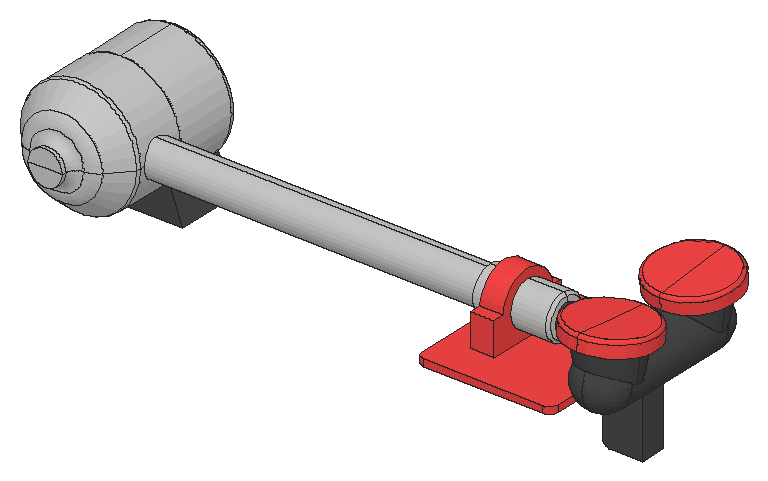
Revit family "Emergency_Equipment-Tepid-Swing_Down_Eye_Wash-S2240", category Plumbing Fixtures, Revit 2016
Family settings
  Part Type = Normal
  Round Connector Dimension = Use Diameter
  OmniClass Number = 23.45.05.14.24
  OmniClass Title = Eye Wash Fountains
  Work Plane-Based = Yes
  Always vertical = No
  Cut with Voids When Loaded = No
  Shared = No
  Room Calculation Point = No
Parameters (values of type "S2240-NP-NFT")
  nsd [instance] = not([Swing Over / Actuate])  # no
  Width = 0' - 4 77/256"  # constant formula
  Waste Connection = no
  Version = "2016-v1.0a"  # constant formula
  Vent Connection = no
  URL = "www.tepid.com"
  Swing Over / Actuate [instance] = yes
  Product Page URL = "http://www.tepid.com/products/s2240-np-nft-nana/"
  Product Name = "Deck Mounted Swing Down Eyewash"  # constant formula
  Product Documentation Link = "http://www.tepid.com/wp-content/uploads/SpSh-S2240S2540.pdf"
  Pipe Finish = Metal - Stingray - Stainless Steel SS
  Model = "S2240-NP-NFT"
  Manufacturer Phone Number = "(888) 445-4142"  # constant formula
  Manufacturer Email = "customerservice@drenchshower.com"
  Manufacturer Address = "5330 East 25th Street Indianapolis Indiana 46218"  # constant formula
  Manufacturer = "Stingray Systems"  # constant formula
  Length = 1' - 2 179/256"  # constant formula
  Supply Connection = 1/2"  # constant formula
  Height = 1' - 3"  # constant formula
  HW Connection = yes
  Filter = no
  Dimension Disclaimer = "Dimensions are ±0.50”. Design and specifications are subject to change without notice."  # constant formula
  Description = "Swing Down Eyewash"  # constant formula
  Default Elevation = 4' - 0"
  Copyright = "© 2018 Stingray Systems"  # constant formula
  CW Connection = yes
  Angle [instance] = if([Swing Over / Actuate], 0.00°, 90.00°)  # 0.00°
Types (3): name | Model | Filter
  (no name) | "S2240-NP-NFT" | no
  S2240-NP-NFT | "S2240-NP-NFT" | no
  S2240-NP-FLT | "S2240-NP-FLT" | yes
Reference planes (in)
  plane 1 "Center (Front/Back)": y = 0
  plane 2: z = 0
  plane 3 "Center (Left/Right)": x = 0
  plane 4: y = 2.125
  plane 5: y = -2.125
  plane 6 "B": x = -2.1875
  plane 7 "T": x = 1.3125
  plane 8 "E": z = 13.67188
  plane 9 "C": z = 1.67188
  plane 10 "M": z = 26.42188
  plane 11: y = 2.17578
  plane 12: z = 15
Forms (in)
  Extrusion 1, solid, material "Metal - Stingray - Epoxy Coated EP"
    sketch origin (0, 0, 0) x (1, 0, 0) y (0, 0, 1)
      loop
        line (1.3125, 0) -> (0.98438, 0.90149)
        arc (0.98438, 0.90149) -> (0, 0.42188) -> (-0.98438, 0.90149) r 1.25
        line (-0.98438, 0.90149) -> (-1.3125, 0) -> (1.3125, 0)
    from 0 to -1.35103
  Revolve 2, solid, material "Metal - Stingray - Stainless Steel SS" <- "Pipe Finish"
    sketch origin (0, 0, 0) x (0, 1, 0) y (0, 0, 1)
      loop
        line (-0.06386, 1.67187) -> (1.45575, 1.67187) -> (1.45575, 2.86447)
        arc (1.45575, 2.86447) -> (1.42148, 2.9472) -> (1.33876, 2.98146) r 0.11699
        line (1.33876, 2.98146) -> (-0.06386, 2.98146) -> (-0.06386, 1.67187)
      axis (1.45575, 1.67187) -> (-0.06386, 1.67187)
    angle from 0 to 360
Lines and regions (in)
  Masking region 1, visible <- "Swing Over / Actuate", detail levels coarse
    outline origin (0, 0, 1.67187) x (-1, 0, 0) y (0, -1, 0)
      loop
        line (1.3125, -1.46645) -> (1.3125, 1.23058) -> (0.41808, 2.125) -> (-0.53499, 2.125) -> (-1.3125, 1.23058) -> (-1.3125, 1.07739) -> (-11.24399, 1.07739) -> (-11.24399, 1.79614)
        arc (-11.24399, 1.79614) -> (-12.18964, 2.74179) -> (-13.13529, 1.79614) r 0.94565
        line (-13.13529, 1.79614) -> (-13.13529, -0.49901)
        arc (-13.13529, -0.49901) -> (-12.18964, -1.44467) -> (-11.24399, -0.49901) r 0.94565
        line (-11.24399, -0.49901) -> (-11.24399, 0.24926) -> (-1.3125, 0.24926) -> (-1.3125, -1.46645) -> (1.3125, -1.46645)
  Masking region 2, visible <- "nsd", detail levels medium+fine
    outline origin (0, 0, 13.67188) x (-1, 0, 0) y (0, -1, 0)
      loop
        line (1.04912, 0.84933) -> (1.24469, 2.71007) -> (0.9107, 2.74517) -> (0.89152, 2.56268) -> (0.39912, 2.47586)
        arc (0.39912, 2.47586) -> (-0.22917, 2.53109) -> (-0.56181, 1.99523) r 0.60189
        line (-0.56181, 1.99523) -> (-0.56181, 0.93026) -> (-2.05923, 0.93026) -> (-2.05923, 0.35952) -> (-0.56181, 0.35952) -> (-0.56181, -0.67717)
        arc (-0.56181, -0.67717) -> (-0.22917, -1.21303) -> (0.39912, -1.1578) r 0.60189
        line (0.39912, -1.1578) -> (0.89152, -1.24462) -> (0.9107, -1.42711) -> (1.24469, -1.392) -> (1.04922, 0.46778) -> (0.71513, 0.43267) -> (0.73919, 0.20377) -> (0.65487, 0.19491) -> (0.65487, 1.15855) -> (0.74297, 1.14929) -> (0.71513, 0.88443) -> (1.04912, 0.84933)
  Masking region 3, visible <- "nsd", detail levels coarse
    outline origin (0, 0, 13.67188) x (-1, 0, 0) y (0, -1, 0)
      loop
        line (-0.55721, 2.02923) -> (-0.55721, -0.72211)
        arc (-0.55721, -0.72211) -> (0.03103, -1.28828) -> (0.62109, -0.724) r 0.58966
        line (0.62109, -0.724) -> (0.62109, 2.03112)
        arc (0.62109, 2.03112) -> (0.03103, 2.5954) -> (-0.55721, 2.02923) r 0.58966
  Masking region 4, visible <- "nsd", detail levels fine
    outline origin (0, 0, 5.37709) x (-1, 0, 0) y (0, -1, 0)
      loop
        line (-0.67661, -1.07286) -> (-0.67661, 0.35952) -> (-0.80819, 0.35952) -> (-0.80819, -1.07286) -> (-0.67661, -1.07286)
      loop
        line (-0.67661, 2.3889) -> (-0.80819, 2.3889) -> (-0.80819, 0.93026) -> (-0.67661, 0.93026) -> (-0.67661, 2.3889)
  Masking region 5, visible <- "nsd"
    outline origin (0, 0, 5.37709) x (-1, 0, 0) y (0, -1, 0)
      loop
        line (1.3125, -1.46645) -> (1.3125, 1.23058) -> (0.74694, 1.79614) -> (-0.82087, 1.79614) -> (-1.3125, 1.23058) -> (-1.3125, -1.46645) -> (1.3125, -1.46645)
  Masking region 6, visible <- "Swing Over / Actuate", detail levels medium+fine
    outline origin (0, 0, 13.67188) x (-1, 0, 0) y (0, -1, 0)
      loop
        line (1.3125, -1.46645) -> (1.3125, 1.22163) -> (0.89116, 1.70428)
        arc (0.89116, 1.70428) -> (0.75664, 1.79926) -> (0.59642, 1.83726) r 0.43385
        arc (0.59642, 1.83726) -> (0.44215, 1.90693) -> (0.37901, 2.064) r 0.22693
        line (0.37901, 2.064) -> (0.37901, 2.125) -> (-0.37901, 2.125) -> (-0.37901, 2.064)
        arc (-0.37901, 2.064) -> (-0.44215, 1.90693) -> (-0.59642, 1.83726) r 0.22693
        arc (-0.59642, 1.83726) -> (-0.76637, 1.79472) -> (-0.90623, 1.68895) r 0.43385
        line (-0.90623, 1.68895) -> (-1.3125, 1.22159) -> (-1.3125, 1.07739) -> (-8.43065, 1.07739) -> (-8.43065, 1.14359) -> (-8.73796, 1.14359) -> (-8.73796, 1.58507) -> (-9.25, 1.58507) -> (-9.25, 1.14359) -> (-10.10153, 1.14359) -> (-10.10153, 0.97279) -> (-10.61909, 0.97279) -> (-10.61909, 1.07982) -> (-10.87211, 1.07982) -> (-10.87211, 0.97279) -> (-11.04994, 0.97279) -> (-11.50267, 1.13757)
        arc (-11.50267, 1.13757) -> (-12.34156, 2.72811) -> (-12.60096, 0.94871) r 0.94565
        line (-12.60096, 0.94871) -> (-12.60096, 0.34842)
        arc (-12.60096, 0.34842) -> (-12.33356, -1.43233) -> (-11.51406, 0.17109) r 0.94565
        line (-11.51406, 0.17109) -> (-11.03336, 0.34605) -> (-10.87211, 0.34605) -> (-10.87211, 0.23902) -> (-10.61909, 0.23902) -> (-10.61909, 0.34605) -> (-10.10153, 0.34605) -> (-10.10153, 0.17525) -> (-9.25, 0.17525) -> (-9.25, -0.26623) -> (-8.73796, -0.26623) -> (-8.73796, 0.17525) -> (-8.43065, 0.17525) -> (-8.43065, 0.24926) -> (-1.3125, 0.24926) -> (-1.3125, -1.46645) -> (1.3125, -1.46645)
  Masking region 7, visible <- "Swing Over / Actuate", detail levels fine
    outline origin (0, 0, 1.67187) x (-1, 0, 0) y (0, -1, 0)
      loop
        line (-8.15763, -1.07286) -> (-8.15763, 2.3889) -> (-11.15763, 2.3889) -> (-11.15763, -1.07286) -> (-8.15763, -1.07286)
  reference lines
    curve 1: line (0, 0, 1.67188) -> (0, 0, 5.58216)
    curve 2: line (0, 0, 1.67188) -> (7.5, 0, 1.67188)
  symbolic lines, visible <- "nsd", detail levels fine
    curve 3: line (-0.89152, 1.24462, 5.37709) -> (-0.7397, -0.19984, 5.37709)
    curve 4: line (-0.74297, -1.14929, 5.37709) -> (-0.89152, -2.56268, 5.37709)
  symbolic lines, visible <- "nsd"
    curve 5: line (0.56181, -0.35952, 5.37709) -> (0.56181, -0.93026, 5.37709)
  symbolic lines, visible <- "Swing Over / Actuate", detail levels fine
    curve 6: line (1.30913, -0.07676, 13.67188) -> (-1.30913, -0.07676, 13.67188)
    curve 7: line (8.73796, -0.17418, 26.42188) -> (8.73796, -1.14293, 26.42188)
    curve 8: line (9.25, -0.17418, 26.42188) -> (9.25, -1.14293, 26.42188)
    curve 9: line (10.61909, -0.34605, 13.67188) -> (10.61909, -0.97105, 13.67188)
    curve 10: line (10.87211, -0.34605, 13.67188) -> (10.87211, -0.97105, 13.67188)
    curve 11: arc (11.58106, -0.21595, 13.67188) -> (12.2, -0.44664, 13.67188) -> (12.81894, -0.21595, 13.67188) r 0.94565
    curve 12: arc (11.58106, -1.08117, 13.67188) -> (12.2, -0.85049, 13.67188) -> (12.81894, -1.08117, 13.67188) r 0.94565
    curve 13: line (1.3125, -0.24926, 13.67188) -> (1.3125, -1.07739, 13.67188)
Dimensions and locks (in)
  equal spacing: plane 5, plane 1 "Center (Front/Back)", plane 4
  locked: plane 7 "T" to plane 3 "Center (Left/Right)" at 1.3125
  locked: plane 8 "E" to plane 9 "C" at 12
  locked: plane 9 "C" to plane 2 at 1.67188
  Extrusion 1 sketch curve to Extrusion 1 sketch curve to plane 3 "Center (Left/Right)" to Extrusion 1 sketch curve to Extrusion 1 sketch curve = 0' - 0 21/64" locked, 0' - 0 63/64" locked, 0' - 0 63/64" locked, 0' - 0 21/64" locked
  Extrusion 1 sketch curve to Extrusion 1 sketch curve to plane 2 to Extrusion 1 sketch curve = 0' - 0" locked, 0' - 0.90149" locked, 0' - 0" locked
  locked: Extrusion 1 to plane 1 "Center (Front/Back)" at 1.35103
  Revolve 2 sketch curve to plane 1 "Center (Front/Back)" to Revolve 2 sketch curve to Revolve 2 sketch curve = 0' - 0.06386" locked, 0' - 1.33876" locked, 0' - 0.11699" locked
  Revolve 2 sketch curve to Revolve 2 sketch curve to plane 9 "C" to Revolve 2 sketch curve = 0' - 0.11699" locked, 0' - 1.1926" locked, 0' - 0" locked
  plane 10 "M" to plane 8 "E" = 1' - 0 3/4"
  curve 12 to curve 12 to curve 12 to curve 11 to curve 11 to plane 1 "Center (Front/Back)" to curve 11 = 0' - 0.71496" locked, 0' - 0" locked, 0' - 0.86522" locked, 0' - 0" locked, 0' - 0.21595" locked, 0' - 0.49901" locked
  plane 3 "Center (Left/Right)" to curve 11 to curve 12 = 1' - 0.2", 0' - 0"
  plane 3 "Center (Left/Right)" to curve 11 = 1' - 0.2"
  "Width": plane 11 to plane 5
  locked: curve 2 to curve 1 (angle 90.00°)
  "Angle": angle plane 9 "C" to curve 2
  aligned and locked: plane 2 to level
  aligned and locked: plane 9 "C" to Extrusion 1 sketch curve
  aligned and locked: plane 9 "C" to curve 1
  aligned and locked: plane 3 "Center (Left/Right)" to curve 1
  aligned and locked: plane 1 "Center (Front/Back)" to Extrusion 1
Automatic sketch dimensions
  Extrusion 1 sketch curve to Extrusion 1 sketch curve = 0' - 0"
  Masking region 5 sketch curve to plane 7 "T" = 0' - 0.49163"
  Masking region 5 sketch curve to plane 5 = 0' - 0.32886"
  Masking region 5 sketch curve to plane 3 "Center (Left/Right)" = 0' - 0.74694"
  Masking region 5 sketch curve to Masking region 5 sketch curve = 0' - 0.56556"  (x3)
  Masking region 5 sketch curve to plane 4 = 0' - 0.65855"
  Masking region 5 sketch curve to plane 7 "T" = 0' - 0"
  Masking region 7 sketch curve to plane 4 = 0' - 1.05214"
  plane 7 "T" to Masking region 7 sketch curve = 0' - 9.84513"
  plane 5 to Masking region 7 sketch curve = 0' - 0.2639"
  Masking region 7 sketch curve to Masking region 7 sketch curve = 0' - 3"
  Revolve 2 sketch curve to plane 1 "Center (Front/Back)" = 0' - 0"
  Revolve 2 sketch curve to plane 4 = 0' - 0"
  Revolve 2 sketch curve to plane 9 "C" = 0' - 0"
  Masking region 1 sketch curve to plane 7 "T" = 0' - 0"  (x2)
  plane 5 to Masking region 1 sketch curve = 0' - 0"
  plane 1 "Center (Front/Back)" to Masking region 1 sketch curve = 0' - 0.24926"
  plane 7 "T" to Masking region 1 sketch curve = 0' - 9.93149"
  Masking region 1 sketch curve to Masking region 1 sketch curve = 0' - 0"
  Masking region 1 sketch curve to plane 1 "Center (Front/Back)" = 0' - 0.49901"
  Masking region 1 sketch curve to Masking region 1 sketch curve = 0' - 0.94565"
  plane 3 "Center (Left/Right)" to Masking region 1 sketch curve = 0' - 0.53499"
  Masking region 1 sketch curve to plane 3 "Center (Left/Right)" = 0' - 0.41808"
  Masking region 1 sketch curve to plane 6 "B" = 0' - 0 7/8"
  Masking region 1 sketch curve to plane 4 = 0' - 0.65855"
  Masking region 1 sketch curve to Masking region 1 sketch curve = 0' - 0 53/64"
  Masking region 1 sketch curve to Masking region 1 sketch curve = 0' - 0.15319"
  Masking region 1 sketch curve to plane 5 = 0' - 0.89442"
  Masking region 1 sketch curve to plane 5 = 0' - 0.32886"
  plane 1 "Center (Front/Back)" to Masking region 2 sketch curve = 0' - 0.35952"
  plane 7 "T" to Masking region 2 sketch curve = 0' - 0.74673"
  plane 3 "Center (Left/Right)" to Masking region 2 sketch curve = 0' - 0.56181"  (x2)
  Masking region 2 sketch curve to plane 3 "Center (Left/Right)" = 0' - 0.04008"  (x2)
  Masking region 2 sketch curve to plane 3 "Center (Left/Right)" = 0' - 0.39912"  (x2)
  plane 1 "Center (Front/Back)" to Masking region 2 sketch curve = 0' - 0.19491"
  Masking region 2 sketch curve to plane 3 "Center (Left/Right)" = 0' - 0.65487"
  Masking region 2 sketch curve to Masking region 2 sketch curve = 0' - 0.06026"  (x2)
  plane 1 "Center (Front/Back)" to Masking region 2 sketch curve = 0' - 0.20377"
  Masking region 2 sketch curve to Masking region 2 sketch curve = 0' - 0.08432"
  Masking region 2 sketch curve to Masking region 2 sketch curve = 0' - 0.0881"
  Masking region 2 sketch curve to Masking region 2 sketch curve = 0' - 0.4924"  (x2)
  plane 5 to Masking region 2 sketch curve = 0' - 0.43768"
  plane 5 to Masking region 2 sketch curve = 0' - 0.62017"
  Masking region 2 sketch curve to Masking region 2 sketch curve = 0' - 0.01918"  (x2)
  Masking region 2 sketch curve to plane 4 = 0' - 0.69789"
  Masking region 2 sketch curve to Masking region 2 sketch curve = 0' - 0.33399"
  plane 1 "Center (Front/Back)" to Masking region 2 sketch curve = 0' - 0.46778"
  plane 1 "Center (Front/Back)" to Masking region 2 sketch curve = 0' - 2.71007"
  Masking region 2 sketch curve to Masking region 2 sketch curve = 0' - 0.08682"
  Masking region 2 sketch curve to plane 1 "Center (Front/Back)" = 0' - 0.67717"
  Masking region 2 sketch curve to Masking region 2 sketch curve = 0' - 0.57074"
  Masking region 2 sketch curve to plane 5 = 0' - 0.13222"
  Masking region 2 sketch curve to plane 5 = 0' - 0.12977"
  plane 3 "Center (Left/Right)" to Masking region 3 sketch curve = 0' - 0.55721"
  Masking region 3 sketch curve to plane 3 "Center (Left/Right)" = 0' - 0.03198"  (x2)
  Masking region 3 sketch curve to plane 5 = 0' - 0.09388"
  Masking region 3 sketch curve to Masking region 3 sketch curve = 0' - 0.58911"
  Masking region 3 sketch curve to Masking region 3 sketch curve = 0' - 0.00189"
  Masking region 3 sketch curve to plane 1 "Center (Front/Back)" = 0' - 0.69862"
  Masking region 3 sketch curve to Masking region 3 sketch curve = 0' - 0.02349"
  Masking region 4 sketch curve to plane 7 "T" = 0' - 0.50431"  (x2)
  Masking region 4 sketch curve to Masking region 4 sketch curve = 0' - 0.13158"  (x2)
  Masking region 4 sketch curve to plane 4 = 0' - 1.05214"
  plane 1 "Center (Front/Back)" to Masking region 4 sketch curve = 0' - 0.35952"
  Masking region 4 sketch curve to Masking region 4 sketch curve = 0' - 0.57074"
  plane 5 to Masking region 4 sketch curve = 0' - 0.2639"
  Masking region 6 sketch curve to plane 7 "T" = 0' - 0"  (x2)
  plane 5 to Masking region 6 sketch curve = 0' - 0"
  plane 1 "Center (Front/Back)" to Masking region 6 sketch curve = 0' - 0.24926"
  plane 7 "T" to Masking region 6 sketch curve = 0' - 7.11815"
  Masking region 6 sketch curve to Masking region 6 sketch curve = 0' - 0"  (x6)
  Masking region 6 sketch curve to Masking region 6 sketch curve = 0' - 0.30731"  (x2)
  Masking region 6 sketch curve to Masking region 6 sketch curve = 0' - 0.51204"  (x2)
  plane 1 "Center (Front/Back)" to Masking region 6 sketch curve = 0' - 0.17525"  (x2)
  Masking region 6 sketch curve to Masking region 6 sketch curve = 0' - 0.85153"
  plane 1 "Center (Front/Back)" to Masking region 6 sketch curve = 0' - 0.23902"
  Masking region 6 sketch curve to Masking region 6 sketch curve = 0' - 0.51756"  (x2)
  Masking region 6 sketch curve to Masking region 6 sketch curve = 0' - 0.25302"  (x2)
  plane 1 "Center (Front/Back)" to Masking region 6 sketch curve = 0' - 0.34605"
  Masking region 6 sketch curve to Masking region 6 sketch curve = 0' - 0.16125"
  Masking region 6 sketch curve to Masking region 6 sketch curve = 0' - 0.17783"
  Masking region 6 sketch curve to plane 5 = 0' - 0.98743"
  Masking region 6 sketch curve to Masking region 6 sketch curve = 0' - 0.45272"
  plane 1 "Center (Front/Back)" to Masking region 6 sketch curve = 0' - 0.17109"
  Masking region 6 sketch curve to Masking region 6 sketch curve = 0' - 0.48069"
  Masking region 6 sketch curve to plane 1 "Center (Front/Back)" = 0' - 0.49901"
  Masking region 6 sketch curve to Masking region 6 sketch curve = 0' - 0.66724"
  Masking region 6 sketch curve to plane 5 = 0' - 0.32886"
  Masking region 6 sketch curve to Masking region 6 sketch curve = 0' - 0.67863"
  plane 1 "Center (Front/Back)" to Masking region 6 sketch curve = 0' - 0.34842"
  Masking region 6 sketch curve to plane 5 = 0' - 0.061"  (x2)
  plane 3 "Center (Left/Right)" to Masking region 6 sketch curve = 0' - 0.60594"
  plane 3 "Center (Left/Right)" to Masking region 6 sketch curve = 0' - 0.57821"
  Masking region 6 sketch curve to Masking region 6 sketch curve = 0' - 0.22693"  (x2)
  Masking region 6 sketch curve to plane 3 "Center (Left/Right)" = 0' - 0.37901"
  Masking region 6 sketch curve to plane 3 "Center (Left/Right)" = 0' - 0.57821"
  Masking region 6 sketch curve to plane 5 = 0' - 0.42072"
  Masking region 6 sketch curve to Masking region 6 sketch curve = 0' - 0.31295"
  Masking region 6 sketch curve to Masking region 6 sketch curve = 0' - 0.42134"
  Masking region 6 sketch curve to plane 4 = 0' - 0.65855"
  Masking region 6 sketch curve to plane 1 "Center (Front/Back)" = 0' - 0.26623"
  Masking region 6 sketch curve to Masking region 6 sketch curve = 0' - 0.10703"  (x2)
  Masking region 6 sketch curve to Masking region 6 sketch curve = 0' - 0.62674"
  Masking region 6 sketch curve to Masking region 6 sketch curve = 0' - 0.16478"
  Masking region 6 sketch curve to Masking region 6 sketch curve = 0' - 0 53/64"
  Masking region 6 sketch curve to Masking region 6 sketch curve = 0' - 0.0662"
  Masking region 6 sketch curve to Masking region 6 sketch curve = 0' - 0.1708"
  Masking region 6 sketch curve to Masking region 6 sketch curve = 0' - 0.1442"
  Masking region 6 sketch curve to Masking region 6 sketch curve = 0' - 0.48265"
  Masking region 6 sketch curve to Masking region 6 sketch curve = 0' - 0.6602"
  Masking region 6 sketch curve to Masking region 6 sketch curve = 0' - 0.30048"
  Masking region 6 sketch curve to Masking region 6 sketch curve = 0' - 0.44148"
  Masking region 6 sketch curve to Masking region 6 sketch curve = 0' - 0.30982"
  Masking region 6 sketch curve to Masking region 6 sketch curve = 0' - 0.0006"
  Masking region 6 sketch curve to Masking region 6 sketch curve = 0' - 0.00052"
  curve 10 to curve 9 = 0' - 0.25302"
  curve 6 to plane 7 "T" = 0' - 0.00337"
  plane 1 "Center (Front/Back)" to curve 6 = 0' - 0.07676"
  curve 6 to plane 6 "B" = 0' - 0.87837"
  plane 1 "Center (Front/Back)" to curve 9 = 0' - 0.34605"
  curve 9 to curve 10 = 0' - 0"  (x2)
  plane 1 "Center (Front/Back)" to curve 8 = 0' - 0.17418"
  plane 7 "T" to curve 8 = 0' - 7 15/16"
  curve 8 to curve 7 = 0' - 0.51204"
  plane 1 "Center (Front/Back)" to curve 7 = 0' - 0.17418"
  curve 8 to curve 8 = 0' - 0 31/32"
  curve 7 to curve 8 = 0' - 0"
  curve 11 to curve 10 = 0' - 0.70895"
  curve 12 to curve 10 = 0' - 0.70895"
  curve 12 to curve 12 = 0' - 0.61894"
  curve 10 to curve 12 = 0' - 0.11012"
  curve 3 to plane 4 = 0' - 0.88038"
  plane 3 "Center (Left/Right)" to curve 5 = 0' - 0.56181"
  plane 1 "Center (Front/Back)" to curve 3 = 0' - 0.19984"
  curve 3 to plane 3 "Center (Left/Right)" = 0' - 0.7397"
  curve 4 to plane 3 "Center (Left/Right)" = 0' - 0.74297"
  plane 5 to curve 4 = 0' - 0.43768"
  curve 4 to plane 3 "Center (Left/Right)" = 0' - 0.89152"
  curve 3 to plane 3 "Center (Left/Right)" = 0' - 0.89152"
  plane 1 "Center (Front/Back)" to curve 5 = 0' - 0.35952"
  curve 5 to curve 5 = 0' - 0.57074"
  curve 3 to curve 4 = 0' - 0.94945"
  curve 13 to plane 7 "T" = 0' - 0"
  curve 6 to curve 13 = 0' - 0.1725"
  curve 13 to curve 13 = 0' - 0 53/64"
Nested families (in)
  nested 1: "Swing_Down_Eye_Wash" at (0, -0.65855, 1.67188) x (0, 0, 1) z (1, 0, 0), type "Swing Down Eyewash"
Connectors (in)
  piping at (0, 0.67552, 0), diameter 0.5, driven by "Supply Connection"
    settings: on Extrusion 1, index 1, connector inside diameter 24", connector length 0' - 0", flow factor 0, pipe flow 0 GPM, pressure drop 0.00 psi, fitting loss kfactor 0, connector angle 0.00°, fixture units 0, engagement length 0' - 0", angle of deflection 0.00°, flow configuration 0, flow direction 1, fitting loss method 0, system type 22, joint type 0, gender type 0, connector reference index -1, connector utility 0, adjustable connector no, is connector primary yes, connector description "Supply COnnection"
Definition of nested family "Swing_Down_Eye_Wash"
  Parameters (values of type "Swing Down Eyewash")
    nab = not(AB)  # yes
    Width = 0' - 4 1/4"  # constant formula
    Waste Connection = yes
    Version = "2015 v1.0a"  # constant formula
    Vent Connection = no
    URL = "www.tepid.com"
    Product Page URL = ""
    Product Name = ""
    Product Documentation Link = ""
    Pipe Finish = none
    Model = ""
    Manufacturer Phone Number = "(888) 445-4142"  # constant formula
    Manufacturer Email = ""
    Manufacturer Address = "5330 East 25th Street Indianapolis Indiana 46218"  # constant formula
    Manufacturer = "Stingray Systems"  # constant formula
    Length offset = 0' - 9 25/64"  # constant formula
    Length = 1' - 0 51/256"  # constant formula
    Supply Connection = 1"  # constant formula
    Height = 0' - 3 1/2"  # constant formula
    HW Connection = yes
    Drain Connection = 1"  # constant formula
    Description = ""
    Default Elevation = 4' - 0"
    Copyright = "© 2018 Stingray Systems"  # constant formula
    CW Connection = yes
    C Pipe = if(Length = 2' 0", 0' 2 143/256", if(Length = 1' 2", 0' 1 43/64", 0' 2 143/256"))  # 0' - 2 143/256"
    Base Finish = none
    AB = no
  Reference planes (in)
    plane 1 "Center (Front/Back)": y = 0
    plane 2: z = 0
    plane 3 "Center (Left/Right)": x = 0
    plane 4: y = 2.125
    plane 5: y = -2.125
    plane 6 "B": x = -2.1875
    plane 7 "T": x = 1.3125
    plane 8 "c": z = 12.19922
    plane 9 "Rotate": y = -0.58179
  Forms (in)
    Revolve 1, solid, material <- "Pipe Finish"
      sketch origin (-34.84512, 0, 4.60977) x (0, 0, -1) y (1, 0, 0)
        loop
          line (-7.46116, 34.84512) -> (4.60977, 34.84512) -> (4.60977, 35.25137) -> (-4.02009, 35.25137) -> (-4.02009, 35.32949) -> (-5.62613, 35.32949) -> (-5.69097, 35.26465) -> (-5.69097, 35.15762) -> (-6.62281, 35.15762) -> (-7.46116, 35.39328) -> (-7.46116, 34.84512)
        axis (-7.46116, 34.84512) -> (4.60977, 34.84512)
      angle from 0 to 360
    Extrusion 2, solid
      sketch origin (-3.27861, 0.125, 4.34494) x (0, 0, -1) y (0, -1, 0)
        loop
          arc (-7.0119, -1.41501) -> (-6.95615, -1.5496) -> (-6.82157, -1.60535) r 0.19034
          line (-6.82157, -1.60535) -> (-4.20331, -1.60535)
          arc (-4.20331, -1.60535) -> (-4.06796, -1.54929) -> (-4.0119, -1.41394) r 0.19141
          line (-4.0119, -1.41394) -> (-4.0119, 1.66501)
          arc (-4.0119, 1.66501) -> (-4.06796, 1.80035) -> (-4.20331, 1.85642) r 0.19141
          line (-4.20331, 1.85642) -> (-6.8205, 1.85642)
          arc (-6.8205, 1.85642) -> (-6.95584, 1.80035) -> (-7.0119, 1.66501) r 0.19141
          line (-7.0119, 1.66501) -> (-7.0119, -1.41501)
      from -2.45774 to -2.602
    Revolve 3, solid
      sketch origin (-2.90051, 0, 12.19922) x (-1, 0, 0) y (0, -1, 0)
        loop
          arc (-2.95092, -1.94028) -> (-2.52185, -1.76255) -> (-2.34412, -1.33348) r 0.6068
          line (-2.34412, -1.33348) -> (-2.34412, 1.33348)
          arc (-2.34412, 1.33348) -> (-2.52185, 1.76255) -> (-2.95092, 1.94028) r 0.6068
          line (-2.95092, 1.94028) -> (-2.95092, -1.94028)
        axis (-2.95092, -1.94028) -> (-2.95092, 1.94028)
      angle from 0 to 360
    Revolve 4, solid
      sketch origin (-2.79114, -0.0625, 12.19922) x (-1, 0, 0) y (0, -1, 0)
        loop
          line (-3.93804, 1.05865) -> (-3.84677, 0.19025)
          arc (-3.84677, 0.19025) -> (-3.81004, 0.15126) -> (-3.75844, 0.13688) r 0.09978
          line (-3.75844, 0.13688) -> (-3.50627, 0.16338) -> (-3.60406, 1.09375) -> (-3.93804, 1.05865)
        axis (-3.60406, 1.09375) -> (-3.93804, 1.05865)
      angle from 0 to 360
    Revolve 5, solid
      sketch origin (-2.79114, 0.0625, 12.19922) x (-1, 0, 0) y (0, 1, 0)
        loop
          line (-3.93804, 1.05865) -> (-3.84677, 0.19025)
          arc (-3.84677, 0.19025) -> (-3.81004, 0.15126) -> (-3.75844, 0.13688) r 0.09978
          line (-3.75844, 0.13688) -> (-3.50627, 0.16338) -> (-3.60406, 1.09375) -> (-3.93804, 1.05865)
        axis (-3.60406, 1.09375) -> (-3.93804, 1.05865)
      angle from 0 to 360
    SweptBlend 6, solid
      path origin (-2.90051, 0, 0) x (1, 0, 0) y (0, 0, 1)
        loop
          line (2.90051, 12.19922) -> (3.81611, 12.19922)
      profile origin (0, 0, 12.19922) x (0, 0, 1) y (0, -1, 0)
        loop
          circle (0, -1.15926) r 0.59209
      end profile origin (0.9156, 0, 12.19922) x (0, 0, 1) y (0, -1, 0)
        loop
          circle (0, -1.18828) r 0.72537
    SweptBlend 7, solid
      path origin (-2.90051, 0, 0) x (1, 0, 0) y (0, 0, 1)
        loop
          line (2.90051, 12.19922) -> (3.81611, 12.19922)
      profile origin (0, 0, 12.19922) x (0, 0, 1) y (0, -1, 0)
        loop
          circle (0, 1.17623) r 0.59209
      end profile origin (0.9156, 0, 12.19922) x (0, 0, 1) y (0, -1, 0)
        loop
          circle (0, 1.14721) r 0.72537
    Revolve 8, solid, material <- "Pipe Finish"
      sketch origin (0, 0, 0) x (0, 1, 0) y (0, 0, 1)
        loop
          line (-0.58179, 0) -> (-0.58179, -1.30913) -> (0.5, -1.30913)
          arc (0.5, -1.30913) -> (0.54181, -1.3032) -> (0.58118, -1.28792) r 0.18435
          line (0.58118, -1.28792) -> (1.03724, -0.89023)
          arc (1.03724, -0.89023) -> (1.13933, -0.75781) -> (1.18278, -0.59635) r 0.42729
          arc (1.18278, -0.59635) -> (1.25823, -0.43978) -> (1.42117, -0.37929) r 0.23246
          line (1.42117, -0.37929) -> (1.50178, -0.37929) -> (1.50178, 0) -> (-0.58179, 0)
        axis (-0.58179, 0) -> (1.50178, 0)
      angle from 0 to 360
    Extrusion 9, solid
      sketch origin (0, 0.125, 5.37709) x (-1, 0, 0) y (0, -1, 0)
        loop
          arc (-0.04972, 0.79978) -> (-0.67661, 0.125) -> (-0.04972, -0.54978) r 0.67661
          line (-0.04972, -0.54978) -> (-0.04972, -0.79978) -> (0.67661, -0.79978) -> (0.67661, 1.04978) -> (-0.04972, 1.04978) -> (-0.04972, 0.79978)
        loop
          circle (0, 0.125) r 0.48438
      from 3.56009 to 4.07213
    Extrusion 10, solid
      sketch origin (0, 0, 5.37709) x (-1, 0, 0) y (0, -1, 0)
        loop
          arc (0, 0.41953) -> (-0.41953, 0) -> (0, -0.41953) r 0.41953
          line (0, -0.41953) -> (0.67661, -0.41953) -> (0.67661, 0.41953) -> (0, 0.41953)
        loop
          circle (0, 0) r 0.3125
      from 5.44121 to 5.69424
    Extrusion 11, solid
      sketch origin (0, 0, 0) x (1, 0, 0) y (0, 0, 1)
        loop
          line (0, 12.19922) -> (-2.05923, 12.19922) -> (-2.05923, 11.49351)
          arc (-2.05923, 11.49351) -> (-2.00745, 11.36851) -> (-1.88245, 11.31673) r 0.17678
          line (-1.88245, 11.31673) -> (0, 11.31673) -> (0, 12.19922)
      from -0.27171 to 0.29904
  Cuts and joins
    joined: Revolve 1, Revolve 8
    joined: Extrusion 2, Extrusion 9, Extrusion 10
    joined: Revolve 3, Extrusion 11
  Dimensions and locks (in)
    "Width": plane 4 to plane 5
    equal spacing: plane 5, plane 1 "Center (Front/Back)", plane 4
    "Height": plane 7 "T" to plane 6 "B"
    locked: plane 7 "T" to plane 3 "Center (Left/Right)" at 1.3125
    "Length": plane 8 "c" to plane 2
    Revolve 1 sketch curve to Revolve 1 sketch curve to Revolve 1 sketch curve to Revolve 1 sketch curve to Revolve 1 sketch curve to Revolve 1 sketch curve to Revolve 1 sketch curve to plane 3 "Center (Left/Right)" = 0' - 0.06379" locked, 0' - 0.06484" locked, 0' - 0.01328" locked, 0' - 0 3/32" locked, 0' - 0 5/16" locked, 0' - 0" locked, 0' - 0" locked
    plane 8 "c" to Revolve 1 sketch curve to Revolve 1 sketch curve to Revolve 1 sketch curve to Revolve 1 sketch curve to Revolve 1 sketch curve = 0' - 0.12829" locked, 0' - 0.83835" locked, 0' - 0.93184" locked, 0' - 0.06484" locked, 0' - 1.60604" locked
    Extrusion 2 sketch curve to Extrusion 2 sketch curve to Extrusion 2 sketch curve to plane 1 "Center (Front/Back)" to Extrusion 2 sketch curve to Extrusion 2 sketch curve to Extrusion 2 sketch curve = 0' - 0 49/256" locked, 0' - 0" locked, 0' - 1.54001" locked, 0' - 1.53894" locked, 0' - 0.00107" locked, 0' - 0.19034" locked
    Extrusion 2 sketch curve to Extrusion 2 sketch curve to Extrusion 2 sketch curve to Extrusion 2 sketch curve to Extrusion 2 sketch curve to Extrusion 2 sketch curve to plane 8 "c" = 0' - 0 49/256" locked, 0' - 0" locked, 0' - 2 79/128" locked, 0' - 0.00107" locked, 0' - 0.19034" locked, 0' - 0.84237" locked
    Revolve 3 sketch curve to plane 3 "Center (Left/Right)" to Revolve 3 sketch curve to Revolve 3 sketch curve = 0' - 0.55639" locked, 0' - 0.0504" locked, 0' - 0" locked
    Revolve 3 sketch curve to Revolve 3 sketch curve to plane 1 "Center (Front/Back)" to Revolve 3 sketch curve to Revolve 3 sketch curve = 0' - 0.6068" locked, 0' - 1.33348" locked, 0' - 1.33348" locked, 0' - 0.6068" locked
    SweptBlend 7 sketch curve to SweptBlend 7 sketch curve to plane 3 "Center (Left/Right)" = 0' - 0.9156" locked, 0' - 0" locked
    locked: plane 1 "Center (Front/Back)" to SweptBlend 7 sketch curve at 1.17623
    locked: plane 1 "Center (Front/Back)" to SweptBlend 7 sketch curve at 1.14721
    SweptBlend 6 sketch curve to SweptBlend 6 sketch curve to plane 3 "Center (Left/Right)" = 0' - 0.9156" locked, 0' - 0" locked
    locked: SweptBlend 6 sketch curve to plane 1 "Center (Front/Back)" at 1.15926
    locked: SweptBlend 6 sketch curve to plane 1 "Center (Front/Back)" at 1.18828
    plane 1 "Center (Front/Back)" to Revolve 5 sketch curve to Revolve 5 sketch curve to Revolve 5 sketch curve to Revolve 5 sketch curve to Revolve 5 sketch curve = 0' - 0.19938" locked, 0' - 0.0265" locked, 0' - 0.02687" locked, 0' - 0.86839" locked, 0' - 0.0351" locked
    plane 3 "Center (Left/Right)" to Revolve 5 sketch curve to Revolve 5 sketch curve to Revolve 5 sketch curve to Revolve 5 sketch curve to Revolve 5 sketch curve = 0' - 0.71513" locked, 0' - 0.09779" locked, 0' - 0.15438" locked, 0' - 0.08833" locked, 0' - 0.09127" locked
    Revolve 4 sketch curve to Revolve 4 sketch curve to Revolve 4 sketch curve to Revolve 4 sketch curve to Revolve 4 sketch curve to plane 1 "Center (Front/Back)" = 0' - 0.0351" locked, 0' - 0.86839" locked, 0' - 0.02687" locked, 0' - 0.0265" locked, 0' - 0.19938" locked
    plane 3 "Center (Left/Right)" to Revolve 4 sketch curve to Revolve 4 sketch curve to Revolve 4 sketch curve to Revolve 4 sketch curve to Revolve 4 sketch curve = 0' - 0.71513" locked, 0' - 0.09779" locked, 0' - 0.15438" locked, 0' - 0.08833" locked, 0' - 0.09127" locked
    cut or joined group of Revolve 3, Extrusion 11 to plane 1 "Center (Front/Back)" to cut or joined group of Revolve 3, Extrusion 11 = 0' - 0.29904" locked, 0' - 0.27171" locked
    plane 8 "c" to cut or joined group of Extrusion 2, Extrusion 9, Extrusion 10 to cut or joined group of Extrusion 2, Extrusion 9, Extrusion 10 to Extrusion 9 to Extrusion 9 = 0' - 1.12789" locked, 0' - 0.25302" locked, 0' - 1.36909" locked, 0' - 0.51204" locked
    plane 3 "Center (Left/Right)" to cut or joined group of Extrusion 2, Extrusion 9, Extrusion 10 to cut or joined group of Extrusion 2, Extrusion 9, Extrusion 10 = 0' - 0.67661" locked, 0' - 0.14426" locked
    Extrusion 9 sketch curve to Extrusion 9 sketch curve to plane 1 "Center (Front/Back)" to Extrusion 9 sketch curve to Extrusion 9 sketch curve = 0' - 0 1/4" locked, 0' - 0.67478" locked, 0' - 0.67478" locked, 0' - 0 1/4" locked
    Extrusion 9 sketch curve to plane 3 "Center (Left/Right)" to Extrusion 9 sketch curve to Extrusion 9 sketch curve = 0' - 0.67661" locked, 0' - 0.04972" locked, 0' - 0" locked
    cut or joined group of Extrusion 2, Extrusion 9, Extrusion 10 to plane 1 "Center (Front/Back)" to cut or joined group of Extrusion 2, Extrusion 9, Extrusion 10 = 0' - 0.41953", 0' - 0.41953"
    Extrusion 10 sketch curve to plane 1 "Center (Front/Back)" to Extrusion 10 sketch curve = 0' - 0.41953" locked, 0' - 0.41953" locked
    locked: Extrusion 10 sketch curve to plane 3 "Center (Left/Right)" at 0.67661
    plane 8 "c" to Extrusion 11 sketch curve to Extrusion 11 sketch curve to Extrusion 11 sketch curve = 0' - 0" locked, 0' - 0.70571" locked, 0' - 0.17678" locked
    plane 3 "Center (Left/Right)" to Extrusion 11 sketch curve to Extrusion 11 sketch curve to Extrusion 11 sketch curve = 0' - 0" locked, 0' - 1.88245" locked, 0' - 0.17678" locked
    aligned and locked: plane 2 to level
    aligned and locked: SweptBlend 7 sketch curve to plane 8 "c"
    aligned and locked: plane 8 "c" to SweptBlend 7 sketch curve  (x2)
    aligned and locked: SweptBlend 6 sketch curve to plane 8 "c"
    aligned and locked: plane 8 "c" to SweptBlend 6 sketch curve  (x2)
    aligned and locked: plane 1 "Center (Front/Back)" to Revolve 8 sketch curve
    aligned and locked: plane 2 to Revolve 8 sketch curve
    aligned and locked: plane 4 to Revolve 8 sketch curve
    aligned and locked: plane 2 to Revolve 1 sketch curve
    aligned and locked: plane 1 "Center (Front/Back)" to Extrusion 9 sketch curve
    aligned and locked: plane 3 "Center (Left/Right)" to Extrusion 9 sketch curve  (x2)
    aligned and locked: plane 1 "Center (Front/Back)" to Extrusion 10 sketch curve
    aligned and locked: plane 3 "Center (Left/Right)" to Extrusion 10 sketch curve  (x2)
    aligned and locked: cut or joined group of Revolve 1, Revolve 8 to plane 9 "Rotate"
  Automatic sketch dimensions
    Revolve 3 sketch curve to Revolve 3 sketch curve = 0' - 0.04204"
    Revolve 3 sketch curve to Revolve 3 sketch curve = 0' - 0.01108"
    plane 1 "Center (Front/Back)" to Revolve 4 sketch curve = 0' - 1.12115"
    Revolve 4 sketch curve to Revolve 4 sketch curve = 0' - 0"  (x2)
    plane 1 "Center (Front/Back)" to Revolve 4 sketch curve = 0' - 1 5/32"
    plane 1 "Center (Front/Back)" to Revolve 5 sketch curve = 0' - 1.12115"
    Revolve 5 sketch curve to Revolve 5 sketch curve = 0' - 0"  (x2)
    plane 1 "Center (Front/Back)" to Revolve 5 sketch curve = 0' - 1 5/32"
    Revolve 8 sketch curve to level = 0' - 0"
    plane 1 "Center (Front/Back)" to Revolve 8 sketch curve = 0' - 0.58179"
    Revolve 8 sketch curve to plane 1 "Center (Front/Back)" = 0' - 0.4952"
    Revolve 8 sketch curve to Revolve 8 sketch curve = 0' - 0.0048"
    Revolve 8 sketch curve to Revolve 8 sketch curve = 0' - 0.08118"
    Revolve 8 sketch curve to Revolve 8 sketch curve = 0' - 0.26122"
    Revolve 8 sketch curve to Revolve 8 sketch curve = 0' - 0.28082"
    Revolve 8 sketch curve to Revolve 8 sketch curve = 0' - 0.37749"
    Revolve 8 sketch curve to Revolve 8 sketch curve = 0' - 0.00644"
    Revolve 8 sketch curve to Revolve 8 sketch curve = 0' - 0.08061"
    Revolve 8 sketch curve to level = 0' - 0.37929"
    Revolve 8 sketch curve to level = 0' - 0.56818"
    Revolve 8 sketch curve to Revolve 8 sketch curve = 0' - 0.23237"
    Revolve 8 sketch curve to Revolve 8 sketch curve = 0' - 0.29388"
    Revolve 8 sketch curve to Revolve 8 sketch curve = 0' - 0.23462"
    Revolve 8 sketch curve to Revolve 8 sketch curve = 0' - 0.16307"
    plane 8 "c" to Revolve 1 sketch curve = 0' - 2 127/256"
    level to Revolve 1 sketch curve = 0' - 2 127/256"
    Extrusion 10 sketch curve to plane 3 "Center (Left/Right)" = 0' - 0"
    radius of SweptBlend 6 sketch curve = 0' - 0.59209"
    radius of SweptBlend 6 sketch curve = 0' - 0.72537"
    radius of SweptBlend 7 sketch curve = 0' - 0.59209"
    radius of SweptBlend 7 sketch curve = 0' - 0.72537"
    radius of Extrusion 9 sketch curve = 0' - 0 31/64"
    radius of Extrusion 10 sketch curve = 0' - 0 5/16"
